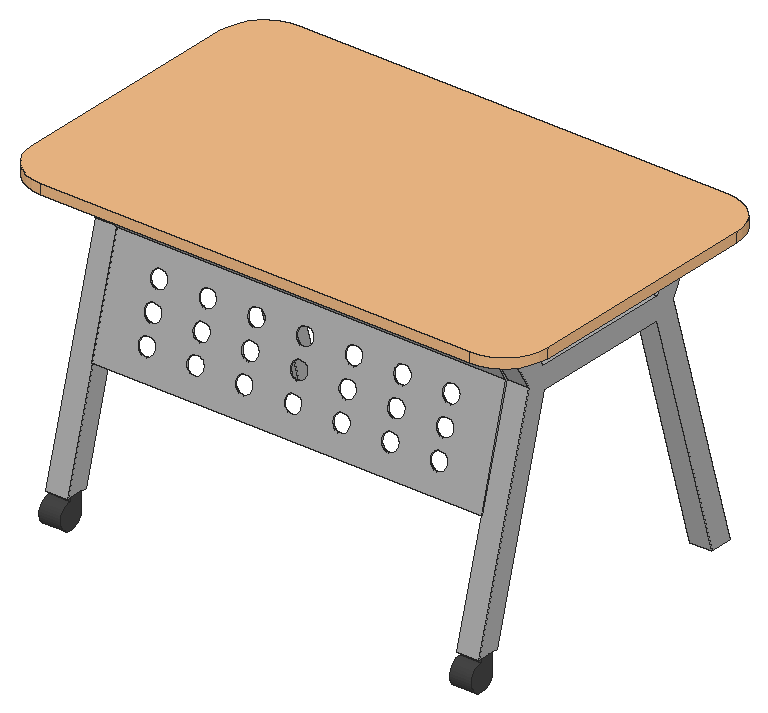
Revit family
Parameters (values of type "GD012(1200*750*720)")
  폭 = 1200 mm
  스크린 폭 = 1000 mm
  스크린 두께 = 5 mm
  상판 두께 = 22 mm
  데스크 스크린 [instance] = no
  다리 폭 = 50 mm
  높이 = 720 mm
  깊이 = 750 mm
  가림판 두께 = 1.6 mm
  Assembly Code = ""
Types (2, lengths in mm): name | 폭 | 스크린 폭
  GD012(1200*750*720) | 1200 | 1000
  GD016(1600*750*720) | 1600 | 1400
Reference planes
  plane 1 "Center (Front/Back)": y = 0
  plane 2: z = 0
  plane 3 "Center (Left/Right)": x = 0
  plane 4 "left": x = -600
  plane 5 "right": x = 600
  plane 6 "front": y = -375
  plane 7 "back": y = 375
  plane 8 "top": z = 720
  plane 9 "가림 상판": through (4267.2, -275, 688) normal (0, 0.866, 0.5)
  plane 10 "가림 하판": through (4267.2, -210, 575.417) normal (0, 0.9613, -0.2756)
  plane 11 "스크린 바닥": z = 575.326
Forms (mm)
  Extrusion 1, solid, material "데스크 상판"
    sketch origin (0, 0, 0) x (1, 0, 0) y (0, 1, 0)
      loop
        arc (-500, 375) -> (-570.711, 345.711) -> (-600, 275) r 100
        line (-600, 275) -> (-600, -275)
        arc (-600, -275) -> (-570.711, -345.711) -> (-500, -375) r 100
        line (-500, -375) -> (500, -375)
        arc (500, -375) -> (570.711, -345.711) -> (600, -275) r 100
        line (600, -275) -> (600, 275)
        arc (600, 275) -> (570.711, 345.711) -> (500, 375) r 100
        line (500, 375) -> (-500, 375)
    from 698 to 720
  Extrusion 2, solid, material "알루미늄"
    sketch origin (-600, 0, 0) x (0, 1, 0) y (0, 0, 1)
      loop
        line (-275, 698) -> (-275, 688) -> (-210, 575.417) -> (-355.216, 68.994) -> (-345, 68.994) -> (-315, 68.994) -> (-303.201, 68.994) -> (-165.154, 550.417) -> (165.154, 550.417) -> (322.985, 0) -> (375, 0) -> (210, 575.417) -> (275, 688) -> (275, 698) -> (-275, 698)
      loop
        line (-217.265, 688) -> (-166.699, 600.417) -> (166.699, 600.417) -> (217.265, 688) -> (-217.265, 688)
    from 96.552 to 146.552
  Extrusion 3, solid, material "휠"
    sketch origin (-600, 0, 0) x (0, 1, 0) y (0, 0, 1)
      loop
        line (-345, 68.994) -> (-345, 60.044)
        arc (-345, 60.044) -> (-366.859, 9.004) -> (-315.478, 30.047) r 30
        line (-315.478, 30.047) -> (-315.478, 68.994) -> (-345, 68.994)
    from 96.552 to 146.552
  Extrusion 4, solid, material "알루미늄"
    sketch origin (600, 0, 0) x (0, 1, 0) y (0, 0, -1)
      loop
        line (-275, -698) -> (275, -698) -> (275, -688) -> (210, -575.417) -> (375, 0) -> (322.985, 0) -> (165.154, -550.417) -> (-165.154, -550.417) -> (-303.201, -68.994) -> (-315, -68.994) -> (-345, -68.994) -> (-355.216, -68.994) -> (-210, -575.417) -> (-275, -688) -> (-275, -698)
      loop
        line (-217.265, -688) -> (217.265, -688) -> (166.699, -600.417) -> (-166.699, -600.417) -> (-217.265, -688)
    from 96.552 to 146.552
  Extrusion 5, solid, material "휠"
    sketch origin (600, 0, 0) x (0, 1, 0) y (0, 0, -1)
      loop
        line (-344.997, -68.994) -> (-315.036, -68.994) -> (-315.036, -29.539)
        arc (-315.036, -29.539) -> (-321.32, -10.957) -> (-337.591, 0) r 30.621
        line (-337.591, 0) -> (-353.395, 0)
        arc (-353.395, 0) -> (-375.727, -33.729) -> (-344.997, -60.036) r 30.542
        line (-344.997, -60.036) -> (-344.997, -68.994)
    from 96.552 to 146.552
  Extrusion 6, solid, material "알루미늄"
    sketch origin (-800, 0, 0) x (0, 1, 0) y (0, 0, 1)
      loop
        line (-275, 688) -> (-276.386, 687.2) -> (-211.725, 575.205) -> (-284.146, 322.646) -> (-282.608, 322.205) -> (-210, 575.417) -> (-275, 688)
    from 346.552 to 1253.448
  Extrusion 7, void
    sketch origin (0, 91.663, 52.922) x (0, -0.5, 0.866025) y (1, 0, 0)
      loop
        circle (671.785, -340.086) r 20
      loop
        circle (671.785, -226.724) r 20
      loop
        circle (671.785, -113.362) r 20
      loop
        circle (671.785, 0) r 20
      loop
        circle (671.785, 113.362) r 20
      loop
        circle (671.785, 226.724) r 20
      loop
        circle (671.785, 340.086) r 20
    from 0 to -1.6
  Extrusion 8, void
    sketch origin (0, -346.508, 99.361) x (0, 0.27564, 0.961261) y (1, 0, 0)
      loop
        circle (430.228, -340.086) r 20
      loop
        circle (430.228, -226.724) r 20
      loop
        circle (430.228, -113.362) r 20
      loop
        circle (430.228, 0) r 20
      loop
        circle (430.228, 113.362) r 20
      loop
        circle (430.228, 226.724) r 20
      loop
        circle (430.228, 340.086) r 20
      loop
        circle (365.228, -340.086) r 20
      loop
        circle (365.228, -226.724) r 20
      loop
        circle (365.228, -113.362) r 20
      loop
        circle (365.228, 0) r 20
      loop
        circle (365.228, 113.362) r 20
      loop
        circle (365.228, 226.724) r 20
      loop
        circle (365.228, 340.086) r 20
      loop
        circle (300.228, -340.086) r 20
      loop
        circle (300.228, -226.724) r 20
      loop
        circle (300.228, -113.362) r 20
      loop
        circle (300.228, 0) r 20
      loop
        circle (300.228, 113.362) r 20
      loop
        circle (300.228, 226.724) r 20
      loop
        circle (300.228, 340.086) r 20
    from 0 to -1.6
  Extrusion 9, solid, material "스크린", visible <- "데스크 스크린"
    sketch origin (0, -375, 0) x (-1, 0, 0) y (0, 0, 1)
      loop
        arc (470, 575.326) -> (491.213, 584.113) -> (500, 605.326) r 30
        line (500, 605.326) -> (500, 1009.096)
        arc (500, 1009.096) -> (491.213, 1030.309) -> (470, 1039.096) r 30
        line (470, 1039.096) -> (-470, 1039.096)
        arc (-470, 1039.096) -> (-491.213, 1030.309) -> (-500, 1009.096) r 30
        line (-500, 1009.096) -> (-500, 605.326)
        arc (-500, 605.326) -> (-491.213, 584.113) -> (-470, 575.326) r 30
        line (-470, 575.326) -> (470, 575.326)
    from 0 to -5
  Extrusion 10, solid, material "알루미늄", visible <- "데스크 스크린"
    sketch origin (0, -375, 0) x (-1, 0, 0) y (0, 0, 1)
      loop
        arc (314.341, 797.204) -> (290, 821.545) -> (265.659, 797.204) r 24.341
        line (265.659, 797.204) -> (255.715, 647.464)
        arc (255.715, 647.464) -> (290, 613.179) -> (324.285, 647.464) r 34.285
        line (324.285, 647.464) -> (314.341, 797.204)
      loop
        arc (-265.659, 797.204) -> (-290, 821.545) -> (-314.341, 797.204) r 24.341
        line (-314.341, 797.204) -> (-324.285, 647.464)
        arc (-324.285, 647.464) -> (-290, 613.179) -> (-255.715, 647.464) r 34.285
        line (-255.715, 647.464) -> (-265.659, 797.204)
    from -5 to -10
Cuts and joins
  Extrusion 7, Extrusion 8 cuts Extrusion 6
Dimensions and locks
  "깊이": plane 6 "front" to plane 7 "back"
  plane 6 "front" to plane 1 "Center (Front/Back)" to plane 7 "back" = 375 mm, 375 mm
  "높이": plane 8 "top" to level
  "폭": plane 4 "left" to plane 5 "right"
  equal spacing: plane 4 "left", plane 3 "Center (Left/Right)", plane 5 "right"
  "상판 두께": Extrusion 1 to Extrusion 1
  "다리 폭": Extrusion 2 to Extrusion 2
  "다리 폭": Extrusion 4 to Extrusion 4
  Extrusion 4 to Extrusion 5 = 40.036 mm
  equal spacing: Extrusion 2, plane 3 "Center (Left/Right)", Extrusion 4
  equal spacing: Extrusion 6, Extrusion 7 sketch curve, Extrusion 7 sketch curve, Extrusion 7 sketch curve, Extrusion 7 sketch curve, Extrusion 7 sketch curve, Extrusion 7 sketch curve, Extrusion 7 sketch curve, Extrusion 6
  "가림판 두께": cut or joined group of Extrusion 6, Extrusion 7, Extrusion 8 to Extrusion 4
  equal spacing: cut or joined group of Extrusion 6, Extrusion 7, Extrusion 8, Extrusion 8 sketch curve, Extrusion 8 sketch curve, Extrusion 8 sketch curve, Extrusion 8 sketch curve, Extrusion 8 sketch curve, Extrusion 8 sketch curve, Extrusion 8 sketch curve, cut or joined group of Extrusion 6, Extrusion 7, Extrusion 8  (x3)
  "스크린 두께": Extrusion 9 to Extrusion 9
  "스크린 폭": Extrusion 9 sketch curve to Extrusion 9 sketch curve
  equal spacing: Extrusion 9 sketch curve, plane 3 "Center (Left/Right)", Extrusion 9 sketch curve
  locked: Extrusion 9 to Extrusion 10 sketch curve at 210  (x2)
  aligned and locked: plane 7 "back" to Extrusion 1 sketch curve
  aligned and locked: Extrusion 1 sketch curve to plane 5 "right"
  aligned and locked: plane 8 "top" to Extrusion 1
  aligned and locked: Extrusion 1 to Extrusion 2 sketch curve
  aligned and locked: level to Extrusion 2 sketch curve
  aligned and locked: Extrusion 3 sketch curve to Extrusion 2
  aligned and locked: plane 5 "right" to Extrusion 1
  aligned and locked: Extrusion 1 to plane 4 "left"
  aligned and locked: Extrusion 2 to Extrusion 3
  aligned and locked: Extrusion 3 to Extrusion 2
  aligned and locked: Extrusion 4 to Extrusion 5
  aligned and locked: Extrusion 5 to Extrusion 4
  aligned and locked: Extrusion 1 to Extrusion 2
  aligned and locked: Extrusion 6 to Extrusion 4
  aligned and locked: Extrusion 6 to Extrusion 2
  aligned and locked: cut or joined group of Extrusion 6, Extrusion 7, Extrusion 8 to Extrusion 4
  aligned and locked: Extrusion 2 to Extrusion 4  (x6)
  aligned and locked: plane 9 "가림 상판" to Extrusion 4
  aligned and locked: Extrusion 6 sketch curve to Extrusion 2  (x2)
  aligned and locked: Extrusion 5 sketch curve to Extrusion 4
  aligned and locked: Extrusion 5 sketch curve to level
  aligned and locked: plane 11 "스크린 바닥" to Extrusion 9 sketch curve
Automatic sketch dimensions
  Extrusion 1 sketch curve to plane 4 "left" = 0 mm
  Extrusion 1 sketch curve to plane 6 "front" = 0 mm
  plane 4 "left" to Extrusion 1 sketch curve = 100 mm  (x2)
  Extrusion 1 sketch curve to plane 5 "right" = 100 mm
  Extrusion 1 sketch curve to Extrusion 1 sketch curve = 100 mm
  Extrusion 2 sketch curve to plane 7 "back" = 0 mm
  plane 7 "back" to Extrusion 2 sketch curve = 52.015 mm
  plane 7 "back" to Extrusion 2 sketch curve = 100 mm
  Extrusion 2 sketch curve to plane 8 "top" = 32 mm
  Extrusion 2 sketch curve to Extrusion 2 sketch curve = 57.735 mm  (x2)
  Extrusion 2 sketch curve to Extrusion 2 sketch curve = 7.265 mm
  Extrusion 2 sketch curve to Extrusion 2 sketch curve = 43.301 mm  (x2)
  Extrusion 2 sketch curve to Extrusion 2 sketch curve = 1.545 mm  (x2)
  plane 1 "Center (Front/Back)" to Extrusion 2 sketch curve = 165.154 mm
  Extrusion 2 sketch curve to Extrusion 2 sketch curve = 50.566 mm
  plane 6 "front" to Extrusion 2 sketch curve = 71.799 mm
  Extrusion 2 sketch curve to Extrusion 2 sketch curve = 11.799 mm
  Extrusion 2 sketch curve to Extrusion 2 sketch curve = 30 mm
  Extrusion 2 sketch curve to Extrusion 2 sketch curve = 10.216 mm
  level to Extrusion 2 sketch curve = 68.994 mm
  Extrusion 2 sketch curve to Extrusion 2 sketch curve = 137.583 mm
  Extrusion 2 sketch curve to Extrusion 2 sketch curve = 25 mm  (x3)
  Extrusion 2 sketch curve to Extrusion 2 sketch curve = 10 mm  (x2)
  plane 6 "front" to Extrusion 3 sketch curve = 29.522 mm
  Extrusion 3 sketch curve to Extrusion 3 sketch curve = 0.478 mm
  Extrusion 3 sketch curve to Extrusion 3 sketch curve = 29.522 mm
  Extrusion 3 sketch curve to Extrusion 3 sketch curve = 8.95 mm
  Extrusion 3 sketch curve to Extrusion 3 sketch curve = 0 mm
  Extrusion 4 sketch curve to level = 0 mm
  Extrusion 4 sketch curve to plane 7 "back" = 0 mm
  plane 7 "back" to Extrusion 4 sketch curve = 52.015 mm
  Extrusion 4 sketch curve to plane 8 "top" = 22 mm
  plane 7 "back" to Extrusion 4 sketch curve = 100 mm
  Extrusion 4 sketch curve to plane 8 "top" = 32 mm
  Extrusion 4 sketch curve to Extrusion 4 sketch curve = 57.735 mm  (x2)
  Extrusion 4 sketch curve to Extrusion 4 sketch curve = 7.265 mm
  Extrusion 4 sketch curve to Extrusion 4 sketch curve = 43.301 mm  (x2)
  Extrusion 4 sketch curve to Extrusion 4 sketch curve = 1.545 mm  (x2)
  plane 1 "Center (Front/Back)" to Extrusion 4 sketch curve = 165.154 mm
  Extrusion 4 sketch curve to Extrusion 4 sketch curve = 50.566 mm
  plane 6 "front" to Extrusion 4 sketch curve = 71.799 mm
  Extrusion 4 sketch curve to Extrusion 4 sketch curve = 11.799 mm
  Extrusion 4 sketch curve to Extrusion 4 sketch curve = 30 mm
  Extrusion 4 sketch curve to Extrusion 4 sketch curve = 10.216 mm
  Extrusion 4 sketch curve to Extrusion 4 sketch curve = 10 mm  (x2)
  Extrusion 4 sketch curve to Extrusion 4 sketch curve = 87.583 mm
  Extrusion 4 sketch curve to Extrusion 4 sketch curve = 25 mm  (x2)
  Extrusion 4 sketch curve to Extrusion 4 sketch curve = 50 mm
  level to Extrusion 4 sketch curve = 68.994 mm
  Extrusion 6 sketch curve to plane 8 "top" = 32 mm
  Extrusion 6 sketch curve to Extrusion 6 sketch curve = 1.386 mm
  plane 6 "front" to Extrusion 6 sketch curve = 90.854 mm
  Extrusion 6 sketch curve to Extrusion 6 sketch curve = 0.441 mm
  Extrusion 7 sketch curve to Extrusion 7 sketch curve = 0 mm  (x6)
  Extrusion 8 sketch curve to Extrusion 8 sketch curve = 0 mm  (x6)
  Extrusion 8 sketch curve to Extrusion 8 sketch curve = 65 mm  (x14)
  plane 6 "front" to Extrusion 5 sketch curve = 21.605 mm
  Extrusion 5 sketch curve to Extrusion 5 sketch curve = 0.661 mm
  Extrusion 5 sketch curve to Extrusion 5 sketch curve = 15.804 mm
  Extrusion 5 sketch curve to Extrusion 5 sketch curve = 8.958 mm
  Extrusion 5 sketch curve to Extrusion 5 sketch curve = 0.041 mm
  Extrusion 5 sketch curve to Extrusion 5 sketch curve = 0.178 mm
  plane 6 "front" to Extrusion 5 sketch curve = 29.343 mm
  Extrusion 9 sketch curve to Extrusion 9 sketch curve = 30 mm  (x3)
  plane 11 "스크린 바닥" to Extrusion 9 sketch curve = 30 mm
  plane 8 "top" to Extrusion 9 sketch curve = 289.096 mm
  plane 11 "스크린 바닥" to Extrusion 10 sketch curve = 72.138 mm  (x2)
  Extrusion 10 sketch curve to Extrusion 10 sketch curve = 9.944 mm  (x2)
  Extrusion 10 sketch curve to Extrusion 10 sketch curve = 24.341 mm  (x2)
  Extrusion 10 sketch curve to Extrusion 10 sketch curve = 34.285 mm  (x2)
  plane 8 "top" to Extrusion 10 sketch curve = 77.204 mm  (x2)
  radius of Extrusion 7 sketch curve = 20 mm  (x7)
  radius of Extrusion 8 sketch curve = 20 mm  (x21)
